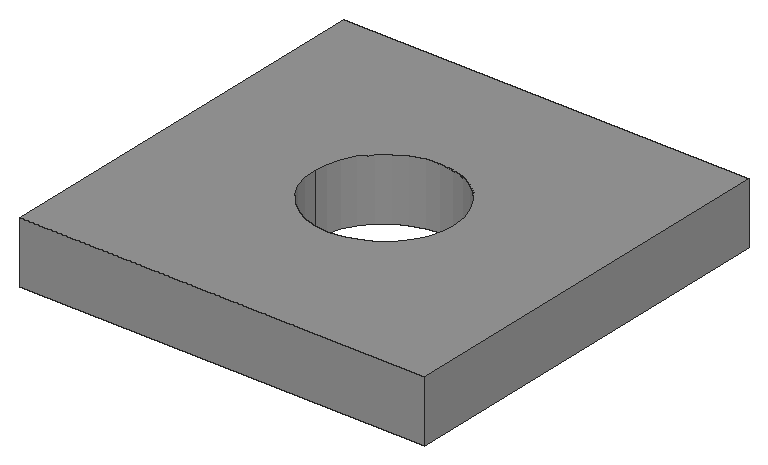
Revit family "square washer-7835-1-2", category Pipe Accessories, Revit 2018
Family settings
  Round Connector Dimension = Use Diameter
  Part Type = Normal
  Work Plane-Based = No
  Always vertical = Yes
  Cut with Voids When Loaded = No
  Shared = No
Parameters (values of type "FNW7835Z0050")
  Weight [instance] = ""
  URL = "http://www.fnw.com"
  Product ID = ""
  Part Number = "FNW7835Z0050"
  Material = Zinc
  L3 = 1.630"  # constant formula
  L2 = 0.250"  # constant formula
  L1 = 1.625"  # constant formula
  HR = HD / 2  # 0.2815"
  HD = 0.563"  # constant formula
  HC = 0.813"  # constant formula
  Description BOM = "Square Washer 1/2\""
Types (3): name | Part Number | Material
  FNW7835G0050 | "FNW7835G0050" | Steel, Galvanized
  FNW7835Z0050 | "FNW7835Z0050" | Zinc
  FNW7835S0050 | "FNW7835S0050" | Steel, Stainless
Reference planes (in)
  plane 1 "Center (Front/Back)": y = 0
  plane 2: z = 0
  plane 3 "Center (Left/Right)": x = 0
  plane 4: y = 0.8125
  plane 5: y = -0.8125
  plane 6: x = -0.815
  plane 7: z = 0.25
  plane 8: z = 0
  plane 9: x = 0.815
Forms (in)
  Extrusion 1, solid, material "Zinc" <- "Material"
    sketch origin (0, 0, 0) x (1, 0, 0) y (0, 1, 0)
      loop
        line (-0.815, 0.8125) -> (-0.815, -0.8125) -> (0.815, -0.8125) -> (0.815, 0.8125) -> (-0.815, 0.8125)
      loop
        circle (0, 0) r 0.2815
    from 0 to 0.25
Lines and regions (in)
  reference lines
    curve 1: line (-0.815, 0, 0) -> (0.44, 0, 0)
Dimensions and locks (in)
  equal spacing: plane 4, plane 1 "Center (Front/Back)", plane 5
  "L1": plane 4 to plane 5
  "L2": plane 7 to plane 2
  equal spacing: plane 6, plane 3 "Center (Left/Right)", plane 9
  "L3": plane 6 to plane 9
  "HD": diameter of Extrusion 1 sketch curve
  aligned and locked: plane 2 to level
  aligned and locked: plane 7 to Extrusion 1
  aligned and locked: plane 9 to Extrusion 1
Automatic sketch dimensions
  plane 1 "Center (Front/Back)" to curve 1 = 0.000"
  curve 1 to plane 6 = 0.000"
  curve 1 to plane 9 = 0.375"
  Extrusion 1 sketch curve to plane 4 = 0.000"
  Extrusion 1 sketch curve to plane 6 = 0.000"
  plane 1 "Center (Front/Back)" to Extrusion 1 sketch curve = 0.000"
  Extrusion 1 sketch curve to plane 3 "Center (Left/Right)" = 0.000"
  Extrusion 1 sketch curve to plane 9 = 0.000"
  Extrusion 1 sketch curve to plane 5 = 0.000"
